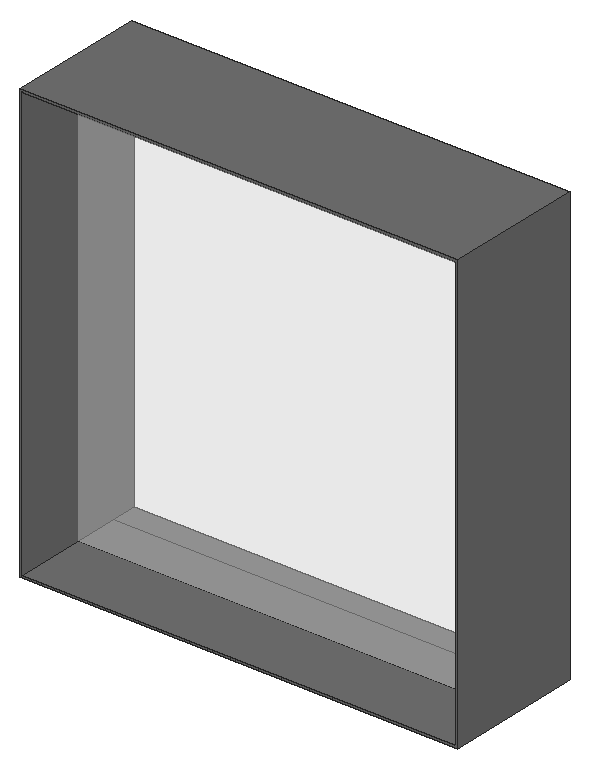
Revit family "ADSK_ОкноВитражноеОдностворчатое (глухое)", category Окна, Revit 2021
Family settings
  Номер OmniClass = 23.25.20.14.11.11.17
  Заголовок OmniClass = Infill Panels
  Всегда вертикально = Да
  При загрузке вырезать с полостями = Нет
  Общий = Нет
  Точка принадлежности помещению = Нет
Parameters (values of type "Открывание Глухое (тонированное стекло)")
  Термостойкость = 0.271106 (m²·K)/W
  Сдвиг_Право = no
  Сдвиг_Лево = no
  Панель_Смещение [instance] = -50.00 mm
  Рама_профиль_Ширина = 80.00 mm
  Рама_профиль_Высота = 1.00 mm
  Visual Light Transmittance = 0.9
  Стекло_Толщина = 25.00 mm
  Отступ_панели [instance] = 450.00 mm + Панель_Смещение  # 400.00 mm
  Открывание_Лево = no
  Подъем_Вверх = no
  Открывание_Право = no
  Откидывание_Вниз = no
  Определить тепловые свойства по = Тип схем
  Материал переплета = AVLN_Материал импоста_RAL 7024
  Solar Heat Gain Coefficient = 0.78
  Идентификатор типа конструкции = "GSP4R"
  Коэффициент теплопередачи (U) = 3.6886 W/(m²·K)
  Материал остекления = АВЛН_Остекление окон и дверей
  Стекло_Смещение = 40.00 mm
  Группа модели = "Вставка в витраж"
  Глухая = and(not(Открывание_Лево), not(Открывание_Право), not(Откидывание_Вниз), not(Подъем_Вверх), not(Сдвиг_Лево), not(Сдвиг_Право))  # yes
  Аналитическая конструкция = "Одинарное остекление стеклами Пилкингтон - 1/8 дюйма"
  ADSK_Этаж [instance] = ""
  ADSK_Примечание [instance] = ""
  ADSK_Предел огнестойкости = ""
  ADSK_Позиция [instance] = ""
  ADSK_Обозначение = "ГОСТ 23166-99"
  ADSK_Наименование краткое = ""
  ADSK_Наименование = "ОА ОСП *-* ПО Л"
  ADSK_Масса_Текст = ""
  ADSK_Масса = 0
  ADSK_Количество [instance] = 0
  ADSK_Код изделия = ""
  ADSK_Зона [instance] = ""
  ADSK_Завод-изготовитель = ""
  ADSK_Единица измерения = ""
  ADSK_Группирование [instance] = ""
  ADSK_Версия семейства = "1.0"  # constant formula
  ADSK_Версия Revit = "v2019"  # constant formula
  ADSK_URL страницы изделия = ""
  ADSK_URL документации изделия = ""
Types (3, lengths in mm): name | Материал остекления
  Открывание Глухое (тонированное стекло) | АВЛН_Остекление окон и дверей
  Открывание Глухое | АВЛН_Остекление окон и дверей
  Открывание Глухое E15 | АВЛН_Остекление окон и дверей Е15
Reference planes
  plane 1: y = 0
  plane 2: z = 0
  plane 3: x = -706.877
  plane 4: x = -831.877
  plane 5: x = -581.877
  plane 6: z = 250
  plane 7 "Внутренняя грань": y = -50
  plane 8: z = 125
  plane 9: x = -656.877
  plane 10: x = -756.877
  plane 11: z = 175
  plane 12: z = 75
  plane 13: y = -450
  plane 14 "СЗ": y = 15
  plane 15 "СП": y = -10
Forms (mm)
  Extrusion 1, solid, material "АВЛН_Остекление окон и дверей" <- "Материал остекления"
    sketch origin (0, 0, 0) x (1, 0, 0) y (0, 1, 0)
      loop
        line (-830.877, 15) -> (-830.877, -10) -> (-582.877, -10) -> (-582.877, 15) -> (-830.877, 15)
    from 1 to 249
  Sweep 2, solid, material "AVLN_Материал импоста_RAL 7024" <- "Материал переплета"
    path origin (0, -50, 0) x (-1, 0, 0) y (0, 0, 1)
      loop
        line (581.877, 250) -> (581.877, 0) -> (831.877, 0) -> (831.877, 250) -> (581.877, 250)
    profile origin (-706.877, -50, 250) x (0, 0, 1) y (0, 1, 0)
      loop
        line (0, 0) -> (0, 80) -> (-1, 80) -> (-1, 0) -> (0, 0)
Lines and regions (mm)
  symbolic lines, style "Открывание_Наружу", visible <- "Глухая"
    curve 1: line (-706.877, -50, 175) -> (-706.877, -50, 75)
    curve 2: line (-656.877, -50, 125) -> (-756.877, -50, 125)
  symbolic lines, visible <- "Сдвиг_Право", not visible
    curve 3: line (288.269, -50, 1419.396) -> (-211.731, -50, 1419.396)
    curve 4: line (-211.731, -50, 1419.396) -> (-76.501, -50, 1455.631)
    curve 5: line (-211.731, -50, 1419.396) -> (-76.501, -50, 1383.162)
  symbolic lines, visible <- "Сдвиг_Лево", not visible
    curve 6: line (250, -50, 1504.2) -> (-250, -50, 1504.2)
    curve 7: line (250, -50, 1504.2) -> (114.77, -50, 1540.435)
    curve 8: line (250, -50, 1504.2) -> (114.77, -50, 1467.965)
  symbolic lines, style "Открывание_З", not visible
    curve 9: line (278.269, 0, 450) -> (-278.269, 0, 0)
    curve 10: line (-278.269, 0, 900) -> (278.269, 0, 450)
    curve 11: line (-278.269, 0, 0) -> (0, 0, 900)
    curve 12: line (278.269, 0, 0) -> (0, 0, 900)
  model lines, style "Открывание_Наружу"
    curve 13: line (-756.877, -50, 125) -> (-656.877, -50, 125)
    curve 14: line (-706.877, -50, 175) -> (-706.877, -50, 75)
Text (mm)
  text "Наружный" at (-1328.559, 631.882, 0), in view "Базовая линия"
Dimensions and locks
  equal spacing: plane 4, plane 3, plane 5
  "Стекло_Смещение": plane 7 "Внутренняя грань" to Extrusion 1 sketch curve
  "Рама_профиль_Ширина": Sweep 2 sketch curve to profile plane
  "Рама_профиль_Высота": Sweep 2 sketch curve to profile plane
  "Стекло_Толщина": Extrusion 1 sketch curve to Extrusion 1 sketch curve
  equal spacing: plane 2, plane 8, plane 6
  plane 10 to plane 3 to plane 9 = 50.00 mm locked, 50.00 mm locked
  plane 12 to plane 8 to plane 11 = 50.00 mm locked, 50.00 mm locked
  locked: plane 13 to plane 1 at 450
  "Отступ_панели": plane 7 "Внутренняя грань" to plane 13
  locked: plane 1 to plane 14 "СЗ" at 15
  locked: plane 15 "СП" to plane 1 at 10
  plane 4 to plane 5 = 250.00 mm  (x2)
  plane 6 to level = 250.00 mm
  aligned and locked: plane 5 to Sweep 2 sketch curve
  aligned and locked: plane 6 to Sweep 2 sketch curve
  aligned and locked: Sweep 2 sketch curve to plane 4
  aligned and locked: plane 2 to Sweep 2 sketch curve
  aligned and locked: Sweep 2 to Extrusion 1 sketch curve
  aligned and locked: Extrusion 1 sketch curve to Sweep 2
  aligned and locked: Extrusion 1 to Sweep 2  (x2)
  aligned and locked: plane 3 to curve 1
  aligned and locked: curve 1 to plane 11
  aligned and locked: plane 12 to curve 1
  aligned and locked: plane 8 to curve 2
  aligned and locked: plane 10 to curve 2
  aligned and locked: plane 9 to curve 2
  aligned and locked: plane 14 "СЗ" to Extrusion 1
  aligned and locked: plane 10 to curve 13
  aligned and locked: plane 9 to curve 13
  aligned and locked: plane 8 to curve 13
  aligned and locked: plane 11 to curve 14
  aligned and locked: curve 14 to plane 12
  aligned and locked: curve 14 to plane 3
Automatic sketch dimensions
  Sweep 2 sketch curve to plane 7 "Внутренняя грань" = 0.00 mm
  profile plane to Sweep 2 sketch curve = 0.00 mm
